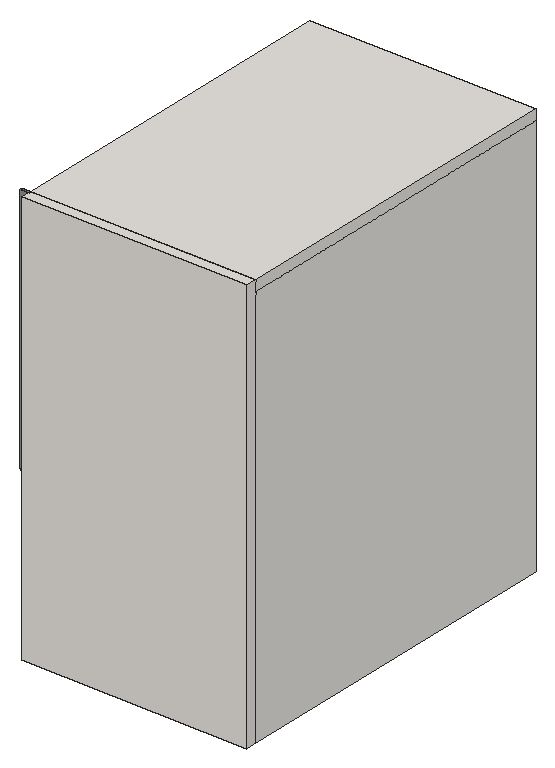
Revit family "Haworth_BesideStorage_Pantry_Limited", category Furniture Systems, Revit 2018
Family settings
  Round Connector Dimension = Use Diameter
  Part Type = Normal
  OmniClass Number = 23.40.70.14.64.21
  OmniClass Title = Systems Furniture
  Work Plane-Based = No
  Always vertical = Yes
  Cut with Voids When Loaded = No
  Shared = No
  Room Calculation Point = No
Parameters (values of type "31.5d 15w 48h")
  Width = 15"  # constant formula
  Warranty = "http://www.haworth.com/resources/product-info/warranties"
  URL - Product = "https://www.haworth.com/na/en/products/active-storage/beside-storage-pantry.html"
  URL = "http://www.haworth.com/"
  Type Comments = ""
  Trim Finish [instance] = Haworth _ Paint _ Graphite
  Top Height = 3/4"  # constant formula
  Standard Widths = "12, 15, 18 in."  # constant formula
  Standard Heights = "28, 40, 48 in."  # constant formula
  Standard Depths = "24, 30 in."  # constant formula
  Size = "Verify Final Dim. w/ Haworth"  # constant formula
  Revision Number = "1"  # constant formula
  Pull Height = Door Height / 2  # 13 3/8"
  Panel Thickness = 3/4"  # constant formula
  Model = ""
  Min. Width = 12"  # constant formula
  Min. Depth = 18 3/4"  # constant formula
  Max. Width = 18"  # constant formula
  Min. Height = 28"  # constant formula
  Max. Height = 64 1/2"  # constant formula
  Max. Depth = 31 1/2"  # constant formula
  Manufacturer = "Haworth"  # constant formula
  Interior Finish [instance] = Haworth _ Laminate _ Linen H-WL
  Height = 28"  # constant formula
  Front Finish [instance] = Haworth _ Laminate _ Linen H-WL
  Exterior Finish [instance] = Haworth _ Laminate _ Linen H-WL
  Door Width = Actual Width - 1/8"  # 14 7/8"
  Door Height = Actual Height - Top Height - Base Height - 1/8"  # 26 3/4"
  Description = ""
  Depth = 24"  # constant formula
  Custom Width = not(or(Width = 18", Width = 12"))  # yes
  Custom Size = or(Custom Width, Custom Height, Custom Depth)  # yes
  Custom Height = not(or(Height = 39 1/2", Height = 40 1/2", Height = 48 1/2", Height = 51 1/2", Height = 56 1/2", Height = 63 1/2", Height = 64 1/2"))  # yes
  Custom Depth = not(or(Depth = 18 3/4", Depth = 23 3/4"))  # yes
  Base Height = 3/8"  # constant formula
  Author = "Haworth (Hampton)"  # constant formula
  Assembly Code = "E2020200"
  Actual Width = if(Width < Min. Width, Min. Width, if(Width > Max. Width, Max. Width, Width))  # 15"
  Actual Height = if(Height < Min. Height, Min. Height, if(Height > Max. Height, Max. Height, Height))  # 28"
  Actual Depth = if(Depth < Min. Depth, Min. Depth, if(Depth > Max. Depth, Max. Depth, Depth))  # 24"
Reference planes (in)
  plane 1 "Back": y = -7.5
  plane 2: z = 0
  plane 3 "Center L/R": x = 0
  plane 4 "Left": x = -7.5
  plane 5 "Right": x = 7.5
  plane 6 "Back of Drawer": y = -30.75
  plane 7 "Front": y = -31.5
  plane 8 "Top": z = 28
  plane 9 "Bottom of Top": z = 27.25
  plane 10 "Bottom of Cabinet": z = 0
  plane 11 "Bottom Drawer": z = 0.375
  plane 12 "Left Inside": x = -6.75
  plane 13 "Right Inside": x = 6.75
  plane 14 "Center F/B": y = -19.5
  plane 15 "Back Inside": y = -8.25
  plane 16: z = 1.125
Forms (in)
  Extrusion 1, solid, material "Haworth _ Laminate _ Linen H-WL" <- "Exterior Finish"
    sketch origin (114.68227, -6.06265, 0) x (1, 0, 0) y (0, 1, 0)
      loop
        line (-122.18227, -1.43735) -> (-122.18227, -24.68735) -> (-121.43227, -24.68735) -> (-121.43227, -2.18735) -> (-107.93227, -2.18735) -> (-107.93227, -24.68735) -> (-107.18227, -24.68735) -> (-107.18227, -1.43735) -> (-122.18227, -1.43735)
    from 0.375 to 27.25
  Extrusion 2, solid, material "Haworth _ Laminate _ Linen H-WL" <- "Exterior Finish"
    sketch origin (0, 0, 0) x (1, 0, 0) y (0, 1, 0)
      loop
        line (-6.75, -8.25) -> (-6.75, -30.75) -> (6.75, -30.75) -> (6.75, -8.25) -> (-6.75, -8.25)
    from 0.375 to 1.125
  Extrusion 3, solid, material "Haworth _ Laminate _ Linen H-WL" <- "Exterior Finish"
    sketch origin (0, 0, -18.75) x (1, 0, 0) y (0, 1, 0)
      loop
        line (-7.5, -7.5) -> (-7.5, -30.75) -> (7.5, -30.75) -> (7.5, -7.5) -> (-7.5, -7.5)
    from 46 to 46.75
  Extrusion 4, solid, material "Haworth _ Laminate _ Linen H-WL" <- "Front Finish"
    sketch origin (31.04687, -22.5, -40.8498) x (1, 0, 0) y (0, 0, 1)
      loop
        line (-23.54687, 68.8498) -> (-38.54687, 68.8498) -> (-38.54687, 41.2248) -> (-23.54687, 41.2248) -> (-23.54687, 68.8498)
    from 8.25 to 9
  Extrusion 5, solid, material "Haworth _ Paint _ Graphite" <- "Trim Finish"
    sketch origin (-13.1875, -30.75, 26.125) x (0, 0, 1) y (-1, 0, 0)
      loop
        arc (1.875, -5.1875) -> (1.83839, -5.09911) -> (1.75, -5.0625) r 0.125
        line (1.75, -5.0625) -> (-14.75, -5.0625)
        arc (-14.75, -5.0625) -> (-14.83839, -5.09911) -> (-14.875, -5.1875) r 0.125
        line (-14.875, -5.1875) -> (-14.875, -5.6875) -> (1.875, -5.6875) -> (1.875, -5.1875)
    from 0 to 0.125
Lines and regions (in)
  Masking region 1
    outline origin (0, 0, 0) x (1, 0, 0) y (0, 1, 0)
      loop
        line (-7.5, -7.5) -> (-7.5, -30.75) -> (7.5, -30.75) -> (7.5, -7.5) -> (-7.5, -7.5)
  symbolic lines
    curve 1: line (-7.5, -31.5, 0) -> (7.5, -31.5, 0)
  symbolic lines, detail levels medium+fine
    curve 2: line (0, -33.5, 0) -> (0, -53.5, 0)
    curve 3: line (0, -53.5, 0) -> (1.37351, -50.5545, 0)
    curve 4: line (0, -53.5, 0) -> (-1.37351, -50.5545, 0)
Dimensions and locks (in)
  "Panel Thickness": plane 6 "Back of Drawer" to plane 7 "Front"
  plane 1 "Back" to plane 7 "Front" = 24"
  "Actual Width": plane 4 "Left" to plane 5 "Right"
  "Top Height": plane 8 "Top" to plane 9 "Bottom of Top"
  equal spacing: plane 4 "Left", plane 3 "Center L/R", plane 5 "Right"
  "Actual Height": plane 8 "Top" to level
  "Panel Thickness": plane 12 "Left Inside" to plane 4 "Left"
  "Panel Thickness": plane 5 "Right" to plane 13 "Right Inside"
  equal spacing: plane 7 "Front", plane 14 "Center F/B", plane 1 "Back"
  "Base Height": plane 11 "Bottom Drawer" to level
  locked: plane 15 "Back Inside" to plane 1 "Back" at 0.75
  Extrusion 5 to Extrusion 5 = 16 3/4"
  "Panel Thickness": plane 16 to plane 11 "Bottom Drawer"
  aligned and locked: Extrusion 1 to plane 4 "Left"
  aligned and locked: Extrusion 1 to plane 5 "Right"
  aligned and locked: level to plane 2
  aligned and locked: plane 5 "Right" to Extrusion 1 sketch curve
  aligned and locked: Extrusion 1 sketch curve to plane 4 "Left"
  aligned and locked: Extrusion 1 sketch curve to plane 12 "Left Inside"
  aligned and locked: Extrusion 1 sketch curve to plane 13 "Right Inside"
  aligned and locked: Extrusion 1 to plane 11 "Bottom Drawer"
  aligned and locked: Extrusion 3 sketch curve to plane 4 "Left"
  aligned and locked: plane 5 "Right" to Extrusion 3 sketch curve
  aligned and locked: plane 1 "Back" to Extrusion 3 sketch curve
  aligned and locked: Extrusion 1 sketch curve to plane 6 "Back of Drawer"  (x2)
  aligned and locked: plane 6 "Back of Drawer" to Extrusion 3 sketch curve
  aligned and locked: plane 10 "Bottom of Cabinet" to level
  aligned and locked: Extrusion 4 sketch curve to plane 4 "Left"
  aligned and locked: Extrusion 4 sketch curve to plane 5 "Right"
  aligned and locked: Extrusion 4 sketch curve to plane 11 "Bottom Drawer"
  aligned and locked: plane 8 "Top" to Extrusion 4 sketch curve
  aligned and locked: Masking region 1 to plane 6 "Back of Drawer"
  aligned and locked: plane 15 "Back Inside" to Extrusion 2
  aligned and locked: plane 8 "Top" to Extrusion 3
  aligned and locked: Extrusion 3 to plane 9 "Bottom of Top"
  aligned and locked: Extrusion 2 to plane 11 "Bottom Drawer"
  aligned and locked: plane 16 to Extrusion 2
  aligned and locked: plane 9 "Bottom of Top" to Extrusion 1
  aligned and locked: Extrusion 4 to plane 7 "Front"
  aligned and locked: plane 6 "Back of Drawer" to Extrusion 4
  aligned and locked: curve 1 to plane 7 "Front"
Automatic sketch dimensions
  curve 1 to plane 4 "Left" = 0"
  curve 2 to plane 3 "Center L/R" = 0"
  curve 1 to plane 5 "Right" = 0"
  curve 3 to plane 7 "Front" = 22"
  curve 4 to plane 3 "Center L/R" = 1.37351"
  plane 3 "Center L/R" to curve 3 = 1.37351"
  curve 2 to plane 7 "Front" = 2"
  curve 2 to curve 4 = 2.9455"
  curve 4 to curve 3 = 0"
  plane 15 "Back Inside" to Extrusion 1 sketch curve = 0"
  Extrusion 2 sketch curve to plane 6 "Back of Drawer" = 0"
  Extrusion 2 sketch curve to plane 12 "Left Inside" = 0"
  Extrusion 2 sketch curve to plane 13 "Right Inside" = 0"
  Extrusion 2 sketch curve to plane 15 "Back Inside" = 0"
  Masking region 1 sketch curve to plane 4 "Left" = 0"
  Masking region 1 sketch curve to plane 5 "Right" = 0"
  Masking region 1 sketch curve to plane 6 "Back of Drawer" = 0"
  plane 1 "Back" to Masking region 1 sketch curve = 0"
  Extrusion 5 sketch curve to plane 4 "Left" = 0"
  Extrusion 5 sketch curve to plane 8 "Top" = 0"
  Extrusion 5 sketch curve to plane 8 "Top" = 1/8"
  Extrusion 5 sketch curve to plane 4 "Left" = 1/2"
  Extrusion 5 sketch curve to plane 9 "Bottom of Top" = 15 7/8"
  Extrusion 5 sketch curve to Extrusion 5 sketch curve = 1/8"
  Extrusion 1 sketch curve to Extrusion 1 sketch curve = 3/4"
